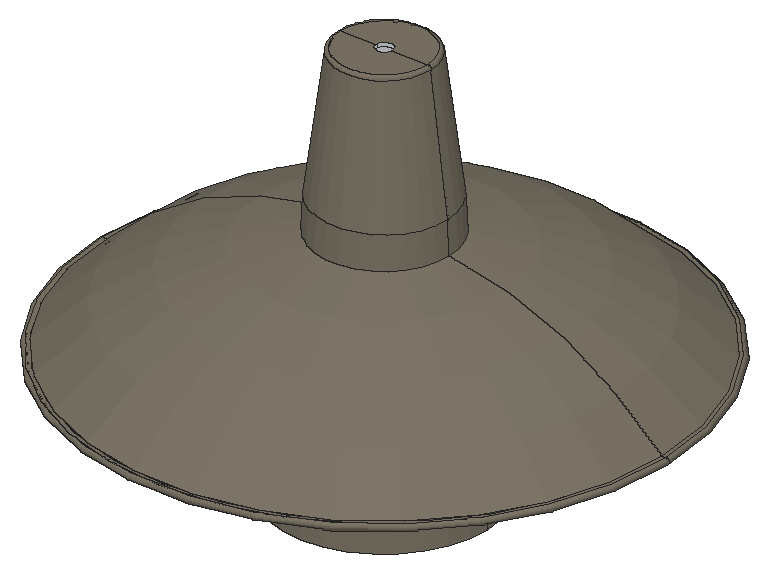
Revit family "AT18 SHADE", category Lighting Fixtures, Revit 2024
Family settings
  Round Connector Dimension = Use Diameter
  Part Type = Normal
  OmniClass Number = 23.80.70.00
  OmniClass Title = Lighting
  Work Plane-Based = No
  Always vertical = Yes
  Cut with Voids When Loaded = No
  Light Source = Yes
  Maintain Annotation Orientation = No
  Shared = No
  Room Calculation Point = No
Parameters
  Wattage = 12.1178 W
  built-in parameter 1150110 = 1 (stored number, unit not read)
  built-in parameter 1114217 = 1 (stored number, unit not read)
  built-in parameter 1150109 = 1 (stored number, unit not read)
  built-in parameter 1150134 = (empty or 0)
  built-in parameter 1150113 = 1 (stored number, unit not read)
  Lumens = 1800 lm
  built-in parameter 1150115 = 1 (stored number, unit not read)
  built-in parameter 1150105 = 572.96 (stored number, unit not read)
  Light Source Symbol Size = 2' - 0"
  built-in parameter 1150137 = (empty or 0)
  built-in parameter 1150139 = (empty or 0)
  built-in parameter 1150112 = 1 (stored number, unit not read)
  built-in parameter 1150114 = 1 (stored number, unit not read)
  built-in parameter 1150132 = 2
  built-in parameter 1150102 = (empty or 0)
  built-in parameter 1150138 = (empty or 0)
  built-in parameter 1150107 = 3000 (stored number, unit not read)
  built-in parameter 1150106 = 5.7296 (stored number, unit not read)
  built-in parameter 1150104 = 13.8 (stored number, unit not read)
  Dimming Lamp Color Temperature Shift = (empty or 0)
  Default Elevation = 0' - 0"
  Color Filter = 16777215
  built-in parameter 1114218 = 1 (stored number, unit not read)
  built-in parameter 1150133 = 10 (stored number, unit not read)
Reference planes (in)
  plane 1 "Light Source Axis (F/B)": y = 0
  plane 2: z = 0
  plane 3 "Light Source Axis (L/R)": x = 0
  plane 4 "Light Source Elevation": z = 84
Forms (in)
  Revolve 1, solid
    sketch origin (0, 0, 0) x (1, 0, 0) y (0, 0, 1)
      loop
        line (-0.25, 96.2604) -> (-0.25, 96.35415) -> (-1.36214, 96.35415)
        arc (-1.36214, 96.35415) -> (-1.43353, 96.32458) -> (-1.4631, 96.25319) r 0.10096
        line (-1.4631, 96.25319) -> (-1.98536, 92.22915) -> (-2.03125, 91.22915)
        arc (-2.03125, 91.22915) -> (-5.63461, 90.16574) -> (-8.67644, 87.96067) r 11.09425
        line (-8.67644, 87.96067) -> (-8.79746, 87.96067)
        arc (-8.79746, 87.96067) -> (-8.89746, 87.86067) -> (-8.79746, 87.76067) r 0.1
        line (-8.79746, 87.76067) -> (-8.73847, 87.76067) -> (-8.60936, 87.89518)
        arc (-8.60936, 87.89518) -> (-5.5575, 90.09911) -> (-1.94126, 91.14503) r 11.0005
        line (-1.94126, 91.14503) -> (-1.89189, 92.22096) -> (-1.36763, 96.2604) -> (-0.25, 96.2604)
      loop
        line (-5.81557, 86.7) -> (-5.9, 86.7)
        arc (-5.9, 86.7) -> (-6, 86.6) -> (-5.9, 86.5) r 0.1
        line (-5.9, 86.5) -> (-5.84138, 86.5) -> (-5.74224, 86.64158)
        arc (-5.74224, 86.64158) -> (-4.26238, 88.14128) -> (-2.50005, 89.29597) r 9.95556
        line (-2.50005, 89.29597) -> (-2.54285, 89.37938)
        arc (-2.54285, 89.37938) -> (-4.32177, 88.21382) -> (-5.81557, 86.7) r 10.04931
      loop
        line (-3.25, 87.7829) -> (-3.25, 84) -> (-3.15625, 84) -> (-3.15625, 87.7829) -> (-3.25, 87.7829)
      axis (0, 84) -> (0, 96.35415)
    angle from 0 to 360
Dimensions and locks (in)
  plane 4 "Light Source Elevation" to plane 2 = 7' - 0"
  aligned and locked: plane 3 "Light Source Axis (L/R)" to imposter light
  aligned and locked: plane 1 "Light Source Axis (F/B)" to imposter light
  aligned and locked: level to plane 2
